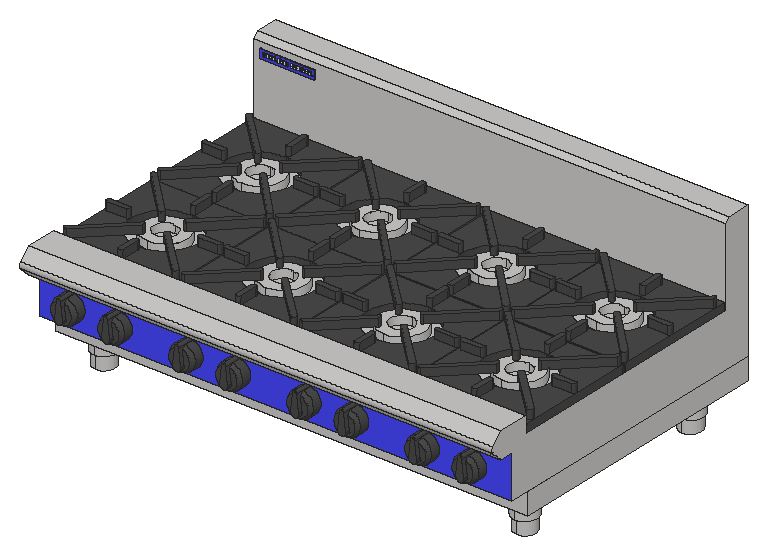
Revit family "QF_MOFFAT_BLUESEAL_CE_G518D-B", category Specialty Equipment, Revit 2012 (continued)
Definition of nested family "GAS BURNER 1200"
  Lines and regions (mm)
    symbolic lines
      curve 132: spline (143.6, -609.602, 0) -> (143.818, -610.896, 0) -> (144.457, -612.102, 0) -> (145.475, -613.138, 0) -> (146.8, -613.932, 0) -> (148.344, -614.432, 0) -> (150, -614.602, 0) -> (151.656, -614.432, 0) -> (153.2, -613.932, 0) -> (154.525, -613.138, 0) -> (155.543, -612.102, 0) -> (156.182, -610.896, 0) -> (156.4, -609.602, 0)
      curve 133: line (176.924, -505.975, 0) -> (284.847, -612.398, 0)
      curve 134: spline (284.847, -612.398, 0) -> (285.916, -613.159, 0) -> (287.221, -613.559, 0) -> (288.672, -613.572, 0) -> (290.171, -613.197, 0) -> (291.616, -612.459, 0) -> (292.908, -611.408, 0) -> (293.959, -610.116, 0) -> (294.697, -608.671, 0) -> (295.072, -607.172, 0) -> (295.059, -605.721, 0) -> (294.659, -604.416, 0) -> (293.898, -603.347, 0)
      curve 135: line (293.898, -603.347, 0) -> (185.975, -496.924, 0)
      curve 136: spline (185.975, -496.924, 0) -> (184.905, -496.163, 0) -> (183.601, -495.762, 0) -> (182.149, -495.749, 0) -> (180.65, -496.125, 0) -> (179.205, -496.863, 0) -> (177.914, -497.914, 0) -> (176.863, -499.205, 0) -> (176.125, -500.65, 0) -> (175.749, -502.149, 0) -> (175.762, -503.601, 0) -> (176.163, -504.905, 0) -> (176.924, -505.975, 0)
      curve 137: arc (149.991, -384.418, 0) -> (179.687, -389.836, 0) -> (205.556, -405.393, 0) r 84.082
      curve 138: arc (149.991, -552.582, 0) -> (121.173, -547.489, 0) -> (95.845, -532.827, 0) r 84.082
      curve 139: arc (150, -523.5, 0) -> (167.666, -520.693, 0) -> (183.592, -512.55, 0) r 57
      curve 140: arc (150, -409.5, 0) -> (130.014, -413.119, 0) -> (112.566, -423.515, 0) r 57
      curve 141: arc (150, -436.5, 0) -> (180, -466.5, 0) -> (150, -496.5, 0) r 30
      curve 142: arc (150, -496.5, 0) -> (120, -466.5, 0) -> (150, -436.5, 0) r 30
      curve 143: line (291.102, -463.6, 0) -> (241.898, -463.6, 0)
      curve 144: spline (241.898, -463.6, 0) -> (240.604, -463.818, 0) -> (239.398, -464.457, 0) -> (238.362, -465.475, 0) -> (237.568, -466.8, 0) -> (237.068, -468.344, 0) -> (236.898, -470, 0) -> (237.068, -471.656, 0) -> (237.568, -473.2, 0) -> (238.362, -474.525, 0) -> (239.398, -475.543, 0) -> (240.604, -476.182, 0) -> (241.898, -476.4, 0)
      curve 145: line (241.898, -476.4, 0) -> (291.102, -476.4, 0)
      curve 146: spline (291.102, -476.4, 0) -> (292.396, -476.182, 0) -> (293.602, -475.543, 0) -> (294.638, -474.525, 0) -> (295.432, -473.2, 0) -> (295.932, -471.656, 0) -> (296.102, -470, 0) -> (295.932, -468.344, 0) -> (295.432, -466.8, 0) -> (294.638, -465.475, 0) -> (293.602, -464.457, 0) -> (292.396, -463.818, 0) -> (291.102, -463.6, 0)
      curve 147: line (423.076, -434.025, 0) -> (315.153, -326.102, 0)
      curve 148: spline (315.153, -326.102, 0) -> (314.084, -325.341, 0) -> (312.779, -324.941, 0) -> (311.328, -324.928, 0) -> (309.829, -325.303, 0) -> (308.384, -326.041, 0) -> (307.092, -327.092, 0) -> (306.041, -328.384, 0) -> (305.303, -329.829, 0) -> (304.928, -331.328, 0) -> (304.941, -332.779, 0) -> (305.341, -334.084, 0) -> (306.102, -335.153, 0)
      curve 149: line (306.102, -335.153, 0) -> (414.025, -443.076, 0)
      curve 150: spline (414.025, -443.076, 0) -> (415.095, -443.837, 0) -> (416.399, -444.238, 0) -> (417.851, -444.251, 0) -> (419.35, -443.875, 0) -> (420.795, -443.137, 0) -> (422.086, -442.086, 0) -> (423.137, -440.795, 0) -> (423.875, -439.35, 0) -> (424.251, -437.851, 0) -> (424.238, -436.399, 0) -> (423.837, -435.095, 0) -> (423.076, -434.025, 0)
      curve 151: line (443.6, -328.898, 0) -> (443.6, -378.102, 0)
      curve 152: spline (443.6, -378.102, 0) -> (443.818, -379.396, 0) -> (444.457, -380.602, 0) -> (445.475, -381.638, 0) -> (446.8, -382.432, 0) -> (448.344, -382.932, 0) -> (450, -383.102, 0) -> (451.656, -382.932, 0) -> (453.2, -382.432, 0) -> (454.525, -381.638, 0) -> (455.543, -380.602, 0) -> (456.182, -379.396, 0) -> (456.4, -378.102, 0)
      curve 153: line (456.4, -378.102, 0) -> (456.4, -328.898, 0)
      curve 154: spline (456.4, -328.898, 0) -> (456.182, -327.604, 0) -> (455.543, -326.398, 0) -> (454.525, -325.362, 0) -> (453.2, -324.568, 0) -> (451.656, -324.068, 0) -> (450, -323.898, 0) -> (448.344, -324.068, 0) -> (446.8, -324.568, 0) -> (445.475, -325.362, 0) -> (444.457, -326.398, 0) -> (443.818, -327.604, 0) -> (443.6, -328.898, 0)
      curve 155: line (584.847, -326.102, 0) -> (476.924, -434.025, 0)
      curve 156: spline (476.924, -434.025, 0) -> (476.163, -435.095, 0) -> (475.762, -436.399, 0) -> (475.749, -437.851, 0) -> (476.125, -439.35, 0) -> (476.863, -440.795, 0) -> (477.914, -442.086, 0) -> (479.205, -443.137, 0) -> (480.65, -443.875, 0) -> (482.149, -444.251, 0) -> (483.601, -444.238, 0) -> (484.905, -443.837, 0) -> (485.975, -443.076, 0)
      curve 157: line (485.975, -443.076, 0) -> (593.898, -335.153, 0)
      curve 158: spline (593.898, -335.153, 0) -> (594.819, -333.924, 0) -> (595.369, -332.47, 0) -> (595.51, -330.89, 0) -> (595.233, -329.292, 0) -> (594.557, -327.786, 0) -> (593.527, -326.473, 0) -> (592.214, -325.443, 0) -> (590.708, -324.767, 0) -> (589.11, -324.49, 0) -> (587.53, -324.631, 0) -> (586.076, -325.181, 0) -> (584.847, -326.102, 0)
      curve 159: line (591.102, -463.6, 0) -> (541.898, -463.6, 0)
      curve 160: spline (541.898, -463.6, 0) -> (540.604, -463.818, 0) -> (539.398, -464.457, 0) -> (538.362, -465.475, 0) -> (537.568, -466.8, 0) -> (537.068, -468.344, 0) -> (536.898, -470, 0) -> (537.068, -471.656, 0) -> (537.568, -473.2, 0) -> (538.362, -474.525, 0) -> (539.398, -475.543, 0) -> (540.604, -476.182, 0) -> (541.898, -476.4, 0)
      curve 161: line (541.898, -476.4, 0) -> (591.102, -476.4, 0)
      curve 162: spline (591.102, -476.4, 0) -> (592.396, -476.182, 0) -> (593.602, -475.543, 0) -> (594.638, -474.525, 0) -> (595.432, -473.2, 0) -> (595.932, -471.656, 0) -> (596.102, -470, 0) -> (595.932, -468.344, 0) -> (595.432, -466.8, 0) -> (594.638, -465.475, 0) -> (593.602, -464.457, 0) -> (592.396, -463.818, 0) -> (591.102, -463.6, 0)
      curve 163: line (593.898, -603.347, 0) -> (485.975, -496.924, 0)
      curve 164: spline (485.975, -496.924, 0) -> (484.905, -496.163, 0) -> (483.601, -495.762, 0) -> (482.149, -495.749, 0) -> (480.65, -496.125, 0) -> (479.205, -496.863, 0) -> (477.914, -497.914, 0) -> (476.863, -499.205, 0) -> (476.125, -500.65, 0) -> (475.749, -502.149, 0) -> (475.762, -503.601, 0) -> (476.163, -504.905, 0) -> (476.924, -505.975, 0)
      curve 165: line (476.924, -505.975, 0) -> (584.847, -612.398, 0)
      curve 166: spline (584.847, -612.398, 0) -> (585.916, -613.159, 0) -> (587.221, -613.559, 0) -> (588.672, -613.572, 0) -> (590.171, -613.197, 0) -> (591.616, -612.459, 0) -> (592.908, -611.408, 0) -> (593.959, -610.116, 0) -> (594.697, -608.671, 0) -> (595.072, -607.172, 0) -> (595.059, -605.721, 0) -> (594.659, -604.416, 0) -> (593.898, -603.347, 0)
      curve 167: line (315.153, -612.398, 0) -> (423.076, -505.975, 0)
      curve 168: spline (423.076, -505.975, 0) -> (423.837, -504.905, 0) -> (424.238, -503.601, 0) -> (424.251, -502.149, 0) -> (423.875, -500.65, 0) -> (423.137, -499.205, 0) -> (422.086, -497.914, 0) -> (420.795, -496.863, 0) -> (419.35, -496.125, 0) -> (417.851, -495.749, 0) -> (416.399, -495.762, 0) -> (415.095, -496.163, 0) -> (414.025, -496.924, 0)
      curve 169: line (414.025, -496.924, 0) -> (306.102, -603.347, 0)
      curve 170: spline (306.102, -603.347, 0) -> (305.341, -604.416, 0) -> (304.941, -605.721, 0) -> (304.928, -607.172, 0) -> (305.303, -608.671, 0) -> (306.041, -610.116, 0) -> (307.092, -611.408, 0) -> (308.384, -612.459, 0) -> (309.829, -613.197, 0) -> (311.328, -613.572, 0) -> (312.779, -613.559, 0) -> (314.084, -613.159, 0) -> (315.153, -612.398, 0)
      curve 171: line (308.898, -476.4, 0) -> (358.102, -476.4, 0)
      curve 172: spline (358.102, -476.4, 0) -> (359.396, -476.182, 0) -> (360.602, -475.543, 0) -> (361.638, -474.525, 0) -> (362.432, -473.2, 0) -> (362.932, -471.656, 0) -> (363.102, -470, 0) -> (362.932, -468.344, 0) -> (362.432, -466.8, 0) -> (361.638, -465.475, 0) -> (360.602, -464.457, 0) -> (359.396, -463.818, 0) -> (358.102, -463.6, 0)
      curve 173: line (358.102, -463.6, 0) -> (308.898, -463.6, 0)
      curve 174: spline (308.898, -463.6, 0) -> (307.604, -463.818, 0) -> (306.398, -464.457, 0) -> (305.362, -465.475, 0) -> (304.568, -466.8, 0) -> (304.068, -468.344, 0) -> (303.898, -470, 0) -> (304.068, -471.656, 0) -> (304.568, -473.2, 0) -> (305.362, -474.525, 0) -> (306.398, -475.543, 0) -> (307.604, -476.182, 0) -> (308.898, -476.4, 0)
      curve 175: line (456.4, -609.602, 0) -> (456.4, -561.898, 0)
      curve 176: spline (456.4, -561.898, 0) -> (456.182, -560.604, 0) -> (455.543, -559.398, 0) -> (454.525, -558.362, 0) -> (453.2, -557.568, 0) -> (451.656, -557.068, 0) -> (450, -556.898, 0) -> (448.344, -557.068, 0) -> (446.8, -557.568, 0) -> (445.475, -558.362, 0) -> (444.457, -559.398, 0) -> (443.818, -560.604, 0) -> (443.6, -561.898, 0)
      curve 177: line (443.6, -561.898, 0) -> (443.6, -609.602, 0)
      curve 178: spline (443.6, -609.602, 0) -> (443.818, -610.896, 0) -> (444.457, -612.102, 0) -> (445.475, -613.138, 0) -> (446.8, -613.932, 0) -> (448.344, -614.432, 0) -> (450, -614.602, 0) -> (451.656, -614.432, 0) -> (453.2, -613.932, 0) -> (454.525, -613.138, 0) -> (455.543, -612.102, 0) -> (456.182, -610.896, 0) -> (456.4, -609.602, 0)
      curve 179: arc (450.009, -384.418, 0) -> (479.699, -389.834, 0) -> (505.564, -405.385, 0) r 84.082
      curve 180: arc (450.009, -552.582, 0) -> (417.885, -546.204, 0) -> (390.635, -528.036, 0) r 84.082
      curve 181: arc (450, -523.5, 0) -> (467.666, -520.693, 0) -> (483.592, -512.55, 0) r 57
      curve 182: arc (450, -409.5, 0) -> (430.014, -413.119, 0) -> (412.566, -423.515, 0) r 57
      curve 183: arc (450, -436.5, 0) -> (480, -466.5, 0) -> (450, -496.5, 0) r 30
      curve 184: arc (450, -496.5, 0) -> (420, -466.5, 0) -> (450, -436.5, 0) r 30
      curve 185: arc (96.324, -103.773, 0) -> (121.466, -89.404, 0) -> (149.991, -84.418, 0) r 84.082
      curve 186: arc (212.871, -112.68, 0) -> (234.066, -167.408, 0) -> (214.3, -222.668, 0) r 84.082
      curve 187: arc (194.454, -202.178, 0) -> (207, -166.598, 0) -> (194.576, -130.975, 0) r 57
      curve 188: arc (114.628, -211.197, 0) -> (131.275, -220.336, 0) -> (150, -223.5, 0) r 57
      curve 189: arc (405.424, -130.975, 0) -> (393, -166.598, 0) -> (405.546, -202.178, 0) r 57
      curve 190: arc (485.525, -121.924, 0) -> (468.817, -112.696, 0) -> (450, -109.5, 0) r 57
      curve 191: arc (494.454, -202.178, 0) -> (507, -166.598, 0) -> (494.576, -130.975, 0) r 57
      curve 192: arc (414.628, -211.197, 0) -> (431.275, -220.336, 0) -> (450, -223.5, 0) r 57
      curve 193: arc (105.424, -130.975, 0) -> (93, -166.598, 0) -> (105.546, -202.178, 0) r 57
      curve 194: arc (514.501, -414.55, 0) -> (534.086, -469.429, 0) -> (513.293, -523.862, 0) r 84.082
      curve 195: arc (504.155, -532.827, 0) -> (478.827, -547.489, 0) -> (450.009, -552.582, 0) r 84.082
      curve 196: arc (493.031, -503.881, 0) -> (506.947, -468.956, 0) -> (496.089, -432.962, 0) r 57
      curve 197: arc (416.408, -512.55, 0) -> (432.334, -520.693, 0) -> (450, -523.5, 0) r 57
      curve 198: arc (403.911, -432.962, 0) -> (393.053, -468.956, 0) -> (406.969, -503.881, 0) r 57
      curve 199: arc (487.434, -423.515, 0) -> (469.986, -413.119, 0) -> (450, -409.5, 0) r 57
      curve 200: arc (187.434, -423.515, 0) -> (169.986, -413.119, 0) -> (150, -409.5, 0) r 57
      curve 201: arc (103.911, -432.962, 0) -> (93.053, -468.956, 0) -> (106.969, -503.881, 0) r 57
      curve 202: arc (109.732, -506.842, 0) -> (110.614, -507.704, 0) -> (111.516, -508.547, 0) r 57
      curve 203: arc (193.031, -503.881, 0) -> (206.947, -468.956, 0) -> (196.089, -432.962, 0) r 57
      curve 204: arc (214.491, -414.56, 0) -> (234.068, -469.429, 0) -> (213.283, -523.853, 0) r 84.082
      curve 205: arc (94.436, -405.385, 0) -> (120.301, -389.834, 0) -> (149.991, -384.418, 0) r 84.082
      curve 206: arc (86.707, -523.862, 0) -> (65.914, -469.429, 0) -> (85.499, -414.55, 0) r 84.082
      curve 207: arc (116.408, -512.55, 0) -> (132.334, -520.693, 0) -> (150, -523.5, 0) r 57
      curve 208: arc (204.147, -532.819, 0) -> (178.816, -547.487, 0) -> (149.991, -552.582, 0) r 84.082
      curve 209: arc (394.444, -405.393, 0) -> (420.313, -389.836, 0) -> (450.009, -384.418, 0) r 84.082
      curve 210: arc (390.635, -528.036, 0) -> (366.012, -472.294, 0) -> (385.509, -414.56, 0) r 84.082
      curve 211: arc (185.525, -121.924, 0) -> (168.817, -112.696, 0) -> (150, -109.5, 0) r 57
      curve 212: arc (396.332, -103.781, 0) -> (421.477, -89.406, 0) -> (450.009, -84.418, 0) r 84.082
      curve 213: arc (512.881, -112.67, 0) -> (534.084, -167.408, 0) -> (514.31, -222.678, 0) r 84.082
      curve 214: arc (505.339, -231.812, 0) -> (479.559, -247.219, 0) -> (450.009, -252.582, 0) r 84.082
      curve 215: arc (385.7, -222.668, 0) -> (365.934, -167.408, 0) -> (387.129, -112.68, 0) r 84.082
      curve 216: arc (205.331, -231.803, 0) -> (179.547, -247.216, 0) -> (149.991, -252.582, 0) r 84.082
      curve 217: arc (85.69, -222.678, 0) -> (65.916, -167.408, 0) -> (87.119, -112.67, 0) r 84.082
      curve 218: spline (724.076, -130.525, 0) -> (724.837, -131.595, 0) -> (725.238, -132.899, 0) -> (725.251, -134.351, 0) -> (724.875, -135.85, 0) -> (724.137, -137.295, 0) -> (723.086, -138.586, 0) -> (721.795, -139.637, 0) -> (720.35, -140.375, 0) -> (718.851, -140.751, 0) -> (717.399, -140.738, 0) -> (716.095, -140.337, 0) -> (715.025, -139.576, 0)
      curve 219: spline (659.102, -160.1, 0) -> (660.396, -160.318, 0) -> (661.602, -160.957, 0) -> (662.638, -161.975, 0) -> (663.432, -163.3, 0) -> (663.932, -164.844, 0) -> (664.102, -166.5, 0) -> (663.932, -168.156, 0) -> (663.432, -169.7, 0) -> (662.638, -171.025, 0) -> (661.602, -172.043, 0) -> (660.396, -172.682, 0) -> (659.102, -172.9, 0)
      curve 220: arc (751, -223.5, 0) -> (732.275, -220.336, 0) -> (715.628, -211.197, 0) r 57
      curve 221: arc (751, -109.5, 0) -> (769.817, -112.696, 0) -> (786.525, -121.924, 0) r 57
      curve 222: arc (751.009, -84.418, 0) -> (722.477, -89.406, 0) -> (697.332, -103.781, 0) r 84.082
      curve 223: arc (751.009, -252.582, 0) -> (780.559, -247.219, 0) -> (806.339, -231.812, 0) r 84.082
      curve 224: line (744.6, -74.602, 0) -> (744.6, -25.398, 0)
      curve 225: spline (744.6, -25.398, 0) -> (744.818, -24.104, 0) -> (745.457, -22.898, 0) -> (746.475, -21.862, 0) -> (747.8, -21.068, 0) -> (749.344, -20.568, 0) -> (751, -20.398, 0) -> (752.656, -20.568, 0) -> (754.2, -21.068, 0) -> (755.525, -21.862, 0) -> (756.543, -22.898, 0) -> (757.182, -24.104, 0) -> (757.4, -25.398, 0)
      curve 226: line (757.4, -25.398, 0) -> (757.4, -74.602, 0)
      curve 227: spline (757.4, -74.602, 0) -> (757.182, -75.896, 0) -> (756.543, -77.102, 0) -> (755.525, -78.138, 0) -> (754.2, -78.932, 0) -> (752.656, -79.432, 0) -> (751, -79.602, 0) -> (749.344, -79.432, 0) -> (747.8, -78.932, 0) -> (746.475, -78.138, 0) -> (745.457, -77.102, 0) -> (744.818, -75.896, 0) -> (744.6, -74.602, 0)
      curve 228: arc (897, 0, 0) -> (899.121, -0.879, 0) -> (900, -3, 0) r 3
      curve 229: line (900, -3, 0) -> (900, -315.5, 0)
      curve 230: arc (900, -315.5, 0) -> (899.121, -317.621, 0) -> (897, -318.5, 0) r 3
      curve 231: arc (897, -321.5, 0) -> (899.121, -322.379, 0) -> (900, -324.5, 0) r 3
      curve 232: line (900, -324.5, 0) -> (900, -632, 0)
      curve 233: arc (900, -632, 0) -> (899.121, -634.121, 0) -> (897, -635, 0) r 3
      curve 234: spline (715.025, -193.424, 0) -> (716.095, -192.663, 0) -> (717.399, -192.262, 0) -> (718.851, -192.249, 0) -> (720.35, -192.625, 0) -> (721.795, -193.363, 0) -> (723.086, -194.414, 0) -> (724.137, -195.705, 0) -> (724.875, -197.15, 0) -> (725.251, -198.649, 0) -> (725.238, -200.101, 0) -> (724.837, -201.405, 0) -> (724.076, -202.475, 0)
      curve 235: line (885.847, -313.898, 0) -> (777.924, -202.475, 0)
      curve 236: spline (777.924, -202.475, 0) -> (777.163, -201.405, 0) -> (776.762, -200.101, 0) -> (776.749, -198.649, 0) -> (777.125, -197.15, 0) -> (777.863, -195.705, 0) -> (778.914, -194.414, 0) -> (780.205, -193.363, 0) -> (781.65, -192.625, 0) -> (783.149, -192.249, 0) -> (784.601, -192.262, 0) -> (785.905, -192.663, 0) -> (786.975, -193.424, 0)
      curve 237: line (786.975, -193.424, 0) -> (894.898, -304.847, 0)
      curve 238: spline (894.898, -304.847, 0) -> (895.659, -305.916, 0) -> (896.059, -307.221, 0) -> (896.072, -308.672, 0) -> (895.697, -310.171, 0) -> (894.959, -311.616, 0) -> (893.908, -312.908, 0) -> (892.616, -313.959, 0) -> (891.171, -314.697, 0) -> (889.672, -315.072, 0) -> (888.221, -315.059, 0) -> (886.916, -314.659, 0) -> (885.847, -313.898, 0)
      curve 239: line (892.102, -172.9, 0) -> (842.898, -172.9, 0)
      curve 240: spline (842.898, -172.9, 0) -> (841.604, -172.682, 0) -> (840.398, -172.043, 0) -> (839.362, -171.025, 0) -> (838.568, -169.7, 0) -> (838.068, -168.156, 0) -> (837.898, -166.5, 0) -> (838.068, -164.844, 0) -> (838.568, -163.3, 0) -> (839.362, -161.975, 0) -> (840.398, -160.957, 0) -> (841.604, -160.318, 0) -> (842.898, -160.1, 0)
      curve 241: line (842.898, -160.1, 0) -> (892.102, -160.1, 0)
      curve 242: spline (892.102, -160.1, 0) -> (893.396, -160.318, 0) -> (894.602, -160.957, 0) -> (895.638, -161.975, 0) -> (896.432, -163.3, 0) -> (896.932, -164.844, 0) -> (897.102, -166.5, 0) -> (896.932, -168.156, 0) -> (896.432, -169.7, 0) -> (895.638, -171.025, 0) -> (894.602, -172.043, 0) -> (893.396, -172.682, 0) -> (892.102, -172.9, 0)
      curve 243: line (894.898, -31.653, 0) -> (786.975, -139.576, 0)
      curve 244: spline (786.975, -139.576, 0) -> (785.905, -140.337, 0) -> (784.601, -140.738, 0) -> (783.149, -140.751, 0) -> (781.65, -140.375, 0) -> (780.205, -139.637, 0) -> (778.914, -138.586, 0) -> (777.863, -137.295, 0) -> (777.125, -135.85, 0) -> (776.749, -134.351, 0) -> (776.762, -132.899, 0) -> (777.163, -131.595, 0) -> (777.924, -130.525, 0)
      curve 245: line (777.924, -130.525, 0) -> (885.847, -22.602, 0)
      curve 246: spline (885.847, -22.602, 0) -> (887.076, -21.681, 0) -> (888.53, -21.131, 0) -> (890.11, -20.99, 0) -> (891.708, -21.267, 0) -> (893.214, -21.943, 0) -> (894.527, -22.973, 0) -> (895.557, -24.286, 0) -> (896.233, -25.792, 0) -> (896.51, -27.39, 0) -> (896.369, -28.97, 0) -> (895.819, -30.424, 0) -> (894.898, -31.653, 0)
      curve 247: arc (751, -136.5, 0) -> (721, -166.5, 0) -> (751, -196.5, 0) r 30
      curve 248: arc (751, -196.5, 0) -> (781, -166.5, 0) -> (751, -136.5, 0) r 30
      curve 249: line (744.6, -311.102, 0) -> (744.6, -261.898, 0)
      curve 250: spline (744.6, -261.898, 0) -> (744.818, -260.604, 0) -> (745.457, -259.398, 0) -> (746.475, -258.362, 0) -> (747.8, -257.568, 0) -> (749.344, -257.068, 0) -> (751, -256.898, 0) -> (752.656, -257.068, 0) -> (754.2, -257.568, 0) -> (755.525, -258.362, 0) -> (756.543, -259.398, 0) -> (757.182, -260.604, 0) -> (757.4, -261.898, 0)
      curve 251: line (757.4, -261.898, 0) -> (757.4, -311.102, 0)
      curve 252: spline (757.4, -311.102, 0) -> (757.182, -312.396, 0) -> (756.543, -313.602, 0) -> (755.525, -314.638, 0) -> (754.2, -315.432, 0) -> (752.656, -315.932, 0) -> (751, -316.102, 0) -> (749.344, -315.932, 0) -> (747.8, -315.432, 0) -> (746.475, -314.638, 0) -> (745.457, -313.602, 0) -> (744.818, -312.396, 0) -> (744.6, -311.102, 0)
      curve 253: line (744.6, -378.102, 0) -> (744.6, -328.898, 0)
      curve 254: spline (744.6, -328.898, 0) -> (744.818, -327.604, 0) -> (745.457, -326.398, 0) -> (746.475, -325.362, 0) -> (747.8, -324.568, 0) -> (749.344, -324.068, 0) -> (751, -323.898, 0) -> (752.656, -324.068, 0) -> (754.2, -324.568, 0) -> (755.525, -325.362, 0) -> (756.543, -326.398, 0) -> (757.182, -327.604, 0) -> (757.4, -328.898, 0)
      curve 255: line (757.4, -328.898, 0) -> (757.4, -378.102, 0)
      curve 256: spline (757.4, -378.102, 0) -> (757.182, -379.396, 0) -> (756.543, -380.602, 0) -> (755.525, -381.638, 0) -> (754.2, -382.432, 0) -> (752.656, -382.932, 0) -> (751, -383.102, 0) -> (749.344, -382.932, 0) -> (747.8, -382.432, 0) -> (746.475, -381.638, 0) -> (745.457, -380.602, 0) -> (744.818, -379.396, 0) -> (744.6, -378.102, 0)
      curve 257: spline (724.076, -434.025, 0) -> (724.837, -435.095, 0) -> (725.238, -436.399, 0) -> (725.251, -437.851, 0) -> (724.875, -439.35, 0) -> (724.137, -440.795, 0) -> (723.086, -442.086, 0) -> (721.795, -443.137, 0) -> (720.35, -443.875, 0) -> (718.851, -444.251, 0) -> (717.399, -444.238, 0) -> (716.095, -443.837, 0) -> (715.025, -443.076, 0)
      curve 258: line (777.924, -434.025, 0) -> (885.847, -326.102, 0)
      curve 259: spline (885.847, -326.102, 0) -> (887.076, -325.181, 0) -> (888.53, -324.631, 0) -> (890.11, -324.49, 0) -> (891.708, -324.767, 0) -> (893.214, -325.443, 0) -> (894.527, -326.473, 0) -> (895.557, -327.786, 0) -> (896.233, -329.292, 0) -> (896.51, -330.89, 0) -> (896.369, -332.47, 0) -> (895.819, -333.924, 0) -> (894.898, -335.153, 0)
      curve 260: line (894.898, -335.153, 0) -> (786.975, -443.076, 0)
      curve 261: spline (786.975, -443.076, 0) -> (785.905, -443.837, 0) -> (784.601, -444.238, 0) -> (783.149, -444.251, 0) -> (781.65, -443.875, 0) -> (780.205, -443.137, 0) -> (778.914, -442.086, 0) -> (777.863, -440.795, 0) -> (777.125, -439.35, 0) -> (776.749, -437.851, 0) -> (776.762, -436.399, 0) -> (777.163, -435.095, 0) -> (777.924, -434.025, 0)
      curve 262: line (842.898, -463.6, 0) -> (892.102, -463.6, 0)
      curve 263: spline (892.102, -463.6, 0) -> (893.396, -463.818, 0) -> (894.602, -464.457, 0) -> (895.638, -465.475, 0) -> (896.432, -466.8, 0) -> (896.932, -468.344, 0) -> (897.102, -470, 0) -> (896.932, -471.656, 0) -> (896.432, -473.2, 0) -> (895.638, -474.525, 0) -> (894.602, -475.543, 0) -> (893.396, -476.182, 0) -> (892.102, -476.4, 0)
      curve 264: line (892.102, -476.4, 0) -> (842.898, -476.4, 0)
      curve 265: spline (842.898, -476.4, 0) -> (841.604, -476.182, 0) -> (840.398, -475.543, 0) -> (839.362, -474.525, 0) -> (838.568, -473.2, 0) -> (838.068, -471.656, 0) -> (837.898, -470, 0) -> (838.068, -468.344, 0) -> (838.568, -466.8, 0) -> (839.362, -465.475, 0) -> (840.398, -464.457, 0) -> (841.604, -463.818, 0) -> (842.898, -463.6, 0)
      curve 266: line (786.975, -496.924, 0) -> (894.898, -603.347, 0)
      curve 267: spline (894.898, -603.347, 0) -> (895.659, -604.416, 0) -> (896.059, -605.721, 0) -> (896.072, -607.172, 0) -> (895.697, -608.671, 0) -> (894.959, -610.116, 0) -> (893.908, -611.408, 0) -> (892.616, -612.459, 0) -> (891.171, -613.197, 0) -> (889.672, -613.572, 0) -> (888.221, -613.559, 0) -> (886.916, -613.159, 0) -> (885.847, -612.398, 0)
      curve 268: line (885.847, -612.398, 0) -> (777.924, -505.975, 0)
      curve 269: spline (777.924, -505.975, 0) -> (777.163, -504.905, 0) -> (776.762, -503.601, 0) -> (776.749, -502.149, 0) -> (777.125, -500.65, 0) -> (777.863, -499.205, 0) -> (778.914, -497.914, 0) -> (780.205, -496.863, 0) -> (781.65, -496.125, 0) -> (783.149, -495.749, 0) -> (784.601, -495.762, 0) -> (785.905, -496.163, 0) -> (786.975, -496.924, 0)
      curve 270: line (744.6, -609.602, 0) -> (744.6, -561.898, 0)
      curve 271: spline (744.6, -561.898, 0) -> (744.818, -560.604, 0) -> (745.457, -559.398, 0) -> (746.475, -558.362, 0) -> (747.8, -557.568, 0) -> (749.344, -557.068, 0) -> (751, -556.898, 0) -> (752.656, -557.068, 0) -> (754.2, -557.568, 0) -> (755.525, -558.362, 0) -> (756.543, -559.398, 0) -> (757.182, -560.604, 0) -> (757.4, -561.898, 0)
      curve 272: line (757.4, -561.898, 0) -> (757.4, -609.602, 0)
      curve 273: spline (757.4, -609.602, 0) -> (757.182, -610.896, 0) -> (756.543, -612.102, 0) -> (755.525, -613.138, 0) -> (754.2, -613.932, 0) -> (752.656, -614.432, 0) -> (751, -614.602, 0) -> (749.344, -614.432, 0) -> (747.8, -613.932, 0) -> (746.475, -613.138, 0) -> (745.457, -612.102, 0) -> (744.818, -610.896, 0) -> (744.6, -609.602, 0)
      curve 274: spline (715.025, -496.924, 0) -> (716.095, -496.163, 0) -> (717.399, -495.762, 0) -> (718.851, -495.749, 0) -> (720.35, -496.125, 0) -> (721.795, -496.863, 0) -> (723.086, -497.914, 0) -> (724.137, -499.205, 0) -> (724.875, -500.65, 0) -> (725.251, -502.149, 0) -> (725.238, -503.601, 0) -> (724.837, -504.905, 0) -> (724.076, -505.975, 0)
      curve 275: arc (751.009, -384.418, 0) -> (721.313, -389.836, 0) -> (695.444, -405.393, 0) r 84.082
      curve 276: arc (751.009, -552.582, 0) -> (779.827, -547.489, 0) -> (805.155, -532.827, 0) r 84.082
      curve 277: arc (751, -523.5, 0) -> (733.334, -520.693, 0) -> (717.408, -512.55, 0) r 57
      curve 278: arc (751, -409.5, 0) -> (770.986, -413.119, 0) -> (788.434, -423.515, 0) r 57
      curve 279: arc (751, -436.5, 0) -> (721, -466.5, 0) -> (751, -496.5, 0) r 30
      curve 280: arc (751, -496.5, 0) -> (781, -466.5, 0) -> (751, -436.5, 0) r 30
      curve 281: spline (659.102, -463.6, 0) -> (660.396, -463.818, 0) -> (661.602, -464.457, 0) -> (662.638, -465.475, 0) -> (663.432, -466.8, 0) -> (663.932, -468.344, 0) -> (664.102, -470, 0) -> (663.932, -471.656, 0) -> (663.432, -473.2, 0) -> (662.638, -474.525, 0) -> (661.602, -475.543, 0) -> (660.396, -476.182, 0) -> (659.102, -476.4, 0)
      curve 282: arc (804.676, -103.773, 0) -> (779.534, -89.404, 0) -> (751.009, -84.418, 0) r 84.082
      curve 283: arc (688.129, -112.68, 0) -> (666.934, -167.408, 0) -> (686.7, -222.668, 0) r 84.082
      curve 284: arc (706.546, -202.178, 0) -> (694, -166.598, 0) -> (706.424, -130.975, 0) r 57
      curve 285: arc (786.372, -211.197, 0) -> (769.725, -220.336, 0) -> (751, -223.5, 0) r 57
      curve 286: arc (795.576, -130.975, 0) -> (808, -166.598, 0) -> (795.454, -202.178, 0) r 57
      curve 287: arc (713.566, -423.515, 0) -> (731.014, -413.119, 0) -> (751, -409.5, 0) r 57
      curve 288: arc (797.089, -432.962, 0) -> (807.947, -468.956, 0) -> (794.031, -503.881, 0) r 57
      curve 289: arc (791.268, -506.842, 0) -> (790.386, -507.704, 0) -> (789.484, -508.547, 0) r 57
      curve 290: arc (707.969, -503.881, 0) -> (694.053, -468.956, 0) -> (704.911, -432.962, 0) r 57
      curve 291: arc (686.509, -414.56, 0) -> (666.932, -469.429, 0) -> (687.717, -523.853, 0) r 84.082
      curve 292: arc (806.564, -405.385, 0) -> (780.699, -389.834, 0) -> (751.009, -384.418, 0) r 84.082
      curve 293: arc (814.293, -523.862, 0) -> (835.086, -469.429, 0) -> (815.501, -414.55, 0) r 84.082
      curve 294: arc (784.592, -512.55, 0) -> (768.666, -520.693, 0) -> (751, -523.5, 0) r 57
      curve 295: arc (696.853, -532.819, 0) -> (722.184, -547.487, 0) -> (751.009, -552.582, 0) r 84.082
      curve 296: arc (715.475, -121.924, 0) -> (732.183, -112.696, 0) -> (751, -109.5, 0) r 57
      curve 297: arc (695.669, -231.803, 0) -> (721.453, -247.216, 0) -> (751.009, -252.582, 0) r 84.082
      curve 298: arc (815.31, -222.678, 0) -> (835.084, -167.408, 0) -> (813.881, -112.67, 0) r 84.082
      curve 299: line (616.153, -612.398, 0) -> (724.076, -505.975, 0)
      curve 300: line (715.025, -496.924, 0) -> (607.102, -603.347, 0)
      curve 301: spline (607.102, -603.347, 0) -> (606.341, -604.416, 0) -> (605.941, -605.721, 0) -> (605.928, -607.172, 0) -> (606.303, -608.671, 0) -> (607.041, -610.116, 0) -> (608.092, -611.408, 0) -> (609.384, -612.459, 0) -> (610.829, -613.197, 0) -> (612.328, -613.572, 0) -> (613.779, -613.559, 0) -> (615.084, -613.159, 0) -> (616.153, -612.398, 0)
      curve 302: line (602, -324.5, 0) -> (602, -632, 0)
      curve 303: arc (602, -632, 0) -> (602.879, -634.121, 0) -> (605, -635, 0) r 3
      curve 304: line (605, -635, 0) -> (897, -635, 0)
      curve 305: arc (897, -635, 0) -> (899.121, -634.121, 0) -> (900, -632, 0) r 3
      curve 306: line (900, -632, 0) -> (900, -324.5, 0)
      curve 307: arc (900, -324.5, 0) -> (899.121, -322.379, 0) -> (897, -321.5, 0) r 3
      curve 308: line (897, -321.5, 0) -> (605, -321.5, 0)
      curve 309: arc (605, -321.5, 0) -> (602.879, -322.379, 0) -> (602, -324.5, 0) r 3
      curve 310: line (609.898, -476.4, 0) -> (659.102, -476.4, 0)
      curve 311: line (659.102, -463.6, 0) -> (609.898, -463.6, 0)
      curve 312: spline (609.898, -463.6, 0) -> (608.604, -463.818, 0) -> (607.398, -464.457, 0) -> (606.362, -465.475, 0) -> (605.568, -466.8, 0) -> (605.068, -468.344, 0) -> (604.898, -470, 0) -> (605.068, -471.656, 0) -> (605.568, -473.2, 0) -> (606.362, -474.525, 0) -> (607.398, -475.543, 0) -> (608.604, -476.182, 0) -> (609.898, -476.4, 0)
      curve 313: line (607.102, -335.153, 0) -> (715.025, -443.076, 0)
      curve 314: line (724.076, -434.025, 0) -> (616.153, -326.102, 0)
      curve 315: spline (616.153, -326.102, 0) -> (615.084, -325.341, 0) -> (613.779, -324.941, 0) -> (612.328, -324.928, 0) -> (610.829, -325.303, 0) -> (609.384, -326.041, 0) -> (608.092, -327.092, 0) -> (607.041, -328.384, 0) -> (606.303, -329.829, 0) -> (605.928, -331.328, 0) -> (605.941, -332.779, 0) -> (606.341, -334.084, 0) -> (607.102, -335.153, 0)
      curve 316: line (616.153, -313.898, 0) -> (724.076, -202.475, 0)
      curve 317: spline (607.102, -304.847, 0) -> (606.341, -305.916, 0) -> (605.941, -307.221, 0) -> (605.928, -308.672, 0) -> (606.303, -310.171, 0) -> (607.041, -311.616, 0) -> (608.092, -312.908, 0) -> (609.384, -313.959, 0) -> (610.829, -314.697, 0) -> (612.328, -315.072, 0) -> (613.779, -315.059, 0) -> (615.084, -314.659, 0) -> (616.153, -313.898, 0)
      curve 318: line (715.025, -193.424, 0) -> (607.102, -304.847, 0)
      curve 319: line (605, -318.5, 0) -> (897, -318.5, 0)
      curve 320: arc (602, -315.5, 0) -> (602.879, -317.621, 0) -> (605, -318.5, 0) r 3
      curve 321: line (602, -3, 0) -> (602, -315.5, 0)
      curve 322: arc (605, 0, 0) -> (602.879, -0.879, 0) -> (602, -3, 0) r 3
      curve 323: line (609.898, -172.9, 0) -> (659.102, -172.9, 0)
      curve 324: line (659.102, -160.1, 0) -> (609.898, -160.1, 0)
      curve 325: spline (609.898, -160.1, 0) -> (608.604, -160.318, 0) -> (607.398, -160.957, 0) -> (606.362, -161.975, 0) -> (605.568, -163.3, 0) -> (605.068, -164.844, 0) -> (604.898, -166.5, 0) -> (605.068, -168.156, 0) -> (605.568, -169.7, 0) -> (606.362, -171.025, 0) -> (607.398, -172.043, 0) -> (608.604, -172.682, 0) -> (609.898, -172.9, 0)
      curve 326: line (607.102, -31.653, 0) -> (715.025, -139.576, 0)
      curve 327: line (724.076, -130.525, 0) -> (616.153, -22.602, 0)
      curve 328: spline (616.153, -22.602, 0) -> (615.084, -21.841, 0) -> (613.779, -21.441, 0) -> (612.328, -21.428, 0) -> (610.829, -21.803, 0) -> (609.384, -22.541, 0) -> (608.092, -23.592, 0) -> (607.041, -24.884, 0) -> (606.303, -26.329, 0) -> (605.928, -27.828, 0) -> (605.941, -29.279, 0) -> (606.341, -30.584, 0) -> (607.102, -31.653, 0)
      curve 329: line (897, 0, 0) -> (605, 0, 0)
      curve 330: line (915.153, -22.602, 0) -> (1023.076, -130.525, 0)
      curve 331: spline (1023.076, -130.525, 0) -> (1023.837, -131.595, 0) -> (1024.238, -132.899, 0) -> (1024.251, -134.351, 0) -> (1023.875, -135.85, 0) -> (1023.137, -137.295, 0) -> (1022.086, -138.586, 0) -> (1020.795, -139.637, 0) -> (1019.35, -140.375, 0) -> (1017.851, -140.751, 0) -> (1016.399, -140.738, 0) -> (1015.095, -140.337, 0) -> (1014.025, -139.576, 0)
      curve 332: line (1014.025, -139.576, 0) -> (906.102, -31.653, 0)
      curve 333: spline (906.102, -31.653, 0) -> (905.341, -30.584, 0) -> (904.941, -29.279, 0) -> (904.928, -27.828, 0) -> (905.303, -26.329, 0) -> (906.041, -24.884, 0) -> (907.092, -23.592, 0) -> (908.384, -22.541, 0) -> (909.829, -21.803, 0) -> (911.328, -21.428, 0) -> (912.779, -21.441, 0) -> (914.084, -21.841, 0) -> (915.153, -22.602, 0)
      curve 334: line (908.898, -160.1, 0) -> (958.102, -160.1, 0)
      curve 335: spline (958.102, -160.1, 0) -> (959.396, -160.318, 0) -> (960.602, -160.957, 0) -> (961.638, -161.975, 0) -> (962.432, -163.3, 0) -> (962.932, -164.844, 0) -> (963.102, -166.5, 0) -> (962.932, -168.156, 0) -> (962.432, -169.7, 0) -> (961.638, -171.025, 0) -> (960.602, -172.043, 0) -> (959.396, -172.682, 0) -> (958.102, -172.9, 0)
      curve 336: line (958.102, -172.9, 0) -> (908.898, -172.9, 0)
      curve 337: spline (908.898, -172.9, 0) -> (907.604, -172.682, 0) -> (906.398, -172.043, 0) -> (905.362, -171.025, 0) -> (904.568, -169.7, 0) -> (904.068, -168.156, 0) -> (903.898, -166.5, 0) -> (904.068, -164.844, 0) -> (904.568, -163.3, 0) -> (905.362, -161.975, 0) -> (906.398, -160.957, 0) -> (907.604, -160.318, 0) -> (908.898, -160.1, 0)
      curve 338: arc (1050, -223.5, 0) -> (1031.275, -220.336, 0) -> (1014.628, -211.197, 0) r 57
      curve 339: arc (1050, -109.5, 0) -> (1068.817, -112.696, 0) -> (1085.525, -121.924, 0) r 57
      curve 340: arc (1050.009, -84.418, 0) -> (1021.477, -89.406, 0) -> (996.332, -103.781, 0) r 84.082
      curve 341: arc (1050.009, -252.582, 0) -> (1079.559, -247.219, 0) -> (1105.339, -231.812, 0) r 84.082
      curve 342: line (1043.6, -74.602, 0) -> (1043.6, -25.398, 0)
      curve 343: spline (1043.6, -25.398, 0) -> (1043.818, -24.104, 0) -> (1044.457, -22.898, 0) -> (1045.475, -21.862, 0) -> (1046.8, -21.068, 0) -> (1048.344, -20.568, 0) -> (1050, -20.398, 0) -> (1051.656, -20.568, 0) -> (1053.2, -21.068, 0) -> (1054.525, -21.862, 0) -> (1055.543, -22.898, 0) -> (1056.182, -24.104, 0) -> (1056.4, -25.398, 0)
      curve 344: line (1056.4, -25.398, 0) -> (1056.4, -74.602, 0)
      curve 345: spline (1056.4, -74.602, 0) -> (1056.182, -75.896, 0) -> (1055.543, -77.102, 0) -> (1054.525, -78.138, 0) -> (1053.2, -78.932, 0) -> (1051.656, -79.432, 0) -> (1050, -79.602, 0) -> (1048.344, -79.432, 0) -> (1046.8, -78.932, 0) -> (1045.475, -78.138, 0) -> (1044.457, -77.102, 0) -> (1043.818, -75.896, 0) -> (1043.6, -74.602, 0)
      curve 346: spline (891.102, -160.1, 0) -> (892.396, -160.318, 0) -> (893.602, -160.957, 0) -> (894.638, -161.975, 0) -> (895.432, -163.3, 0) -> (895.932, -164.844, 0) -> (896.102, -166.5, 0) -> (895.932, -168.156, 0) -> (895.432, -169.7, 0) -> (894.638, -171.025, 0) -> (893.602, -172.043, 0) -> (892.396, -172.682, 0) -> (891.102, -172.9, 0)
      curve 347: arc (896, 0, 0) -> (898.121, -0.879, 0) -> (899, -3, 0) r 3
      curve 348: line (899, -3, 0) -> (899, -315.5, 0)
      curve 349: arc (899, -315.5, 0) -> (898.121, -317.621, 0) -> (896, -318.5, 0) r 3
      curve 350: line (904, 0, 0) -> (1196, 0, 0)
      curve 351: arc (1196, 0, 0) -> (1198.121, -0.879, 0) -> (1199, -3, 0) r 3
      curve 352: line (1199, -3, 0) -> (1199, -315.5, 0)
      curve 353: arc (1199, -315.5, 0) -> (1198.121, -317.621, 0) -> (1196, -318.5, 0) r 3
      curve 354: line (1196, -318.5, 0) -> (904, -318.5, 0)
      curve 355: arc (904, -318.5, 0) -> (901.879, -317.621, 0) -> (901, -315.5, 0) r 3
      curve 356: line (901, -315.5, 0) -> (901, -3, 0)
      curve 357: arc (901, -3, 0) -> (901.879, -0.879, 0) -> (904, 0, 0) r 3
      curve 358: line (904, -321.5, 0) -> (1196, -321.5, 0)
      curve 359: arc (1196, -321.5, 0) -> (1198.121, -322.379, 0) -> (1199, -324.5, 0) r 3
      curve 360: line (1199, -324.5, 0) -> (1199, -632, 0)
      curve 361: arc (1199, -632, 0) -> (1198.121, -634.121, 0) -> (1196, -635, 0) r 3
      curve 362: line (1196, -635, 0) -> (904, -635, 0)
      curve 363: arc (904, -635, 0) -> (901.879, -634.121, 0) -> (901, -632, 0) r 3
      curve 364: line (901, -632, 0) -> (901, -324.5, 0)
      curve 365: arc (901, -324.5, 0) -> (901.879, -322.379, 0) -> (904, -321.5, 0) r 3
      curve 366: arc (896, -321.5, 0) -> (898.121, -322.379, 0) -> (899, -324.5, 0) r 3
      curve 367: line (899, -324.5, 0) -> (899, -632, 0)
      curve 368: arc (899, -632, 0) -> (898.121, -634.121, 0) -> (896, -635, 0) r 3
      curve 369: line (906.102, -304.847, 0) -> (1014.025, -193.424, 0)
      curve 370: spline (1014.025, -193.424, 0) -> (1015.095, -192.663, 0) -> (1016.399, -192.262, 0) -> (1017.851, -192.249, 0) -> (1019.35, -192.625, 0) -> (1020.795, -193.363, 0) -> (1022.086, -194.414, 0) -> (1023.137, -195.705, 0) -> (1023.875, -197.15, 0) -> (1024.251, -198.649, 0) -> (1024.238, -200.101, 0) -> (1023.837, -201.405, 0) -> (1023.076, -202.475, 0)
      curve 371: line (1023.076, -202.475, 0) -> (915.153, -313.898, 0)
      curve 372: spline (915.153, -313.898, 0) -> (914.084, -314.659, 0) -> (912.779, -315.059, 0) -> (911.328, -315.072, 0) -> (909.829, -314.697, 0) -> (908.384, -313.959, 0) -> (907.092, -312.908, 0) -> (906.041, -311.616, 0) -> (905.303, -310.171, 0) -> (904.928, -308.672, 0) -> (904.941, -307.221, 0) -> (905.341, -305.916, 0) -> (906.102, -304.847, 0)
      curve 373: line (1184.847, -313.898, 0) -> (1076.924, -202.475, 0)
      curve 374: spline (1076.924, -202.475, 0) -> (1076.163, -201.405, 0) -> (1075.762, -200.101, 0) -> (1075.749, -198.649, 0) -> (1076.125, -197.15, 0) -> (1076.863, -195.705, 0) -> (1077.914, -194.414, 0) -> (1079.205, -193.363, 0) -> (1080.65, -192.625, 0) -> (1082.149, -192.249, 0) -> (1083.601, -192.262, 0) -> (1084.905, -192.663, 0) -> (1085.975, -193.424, 0)
      curve 375: line (1085.975, -193.424, 0) -> (1193.898, -304.847, 0)
      curve 376: spline (1193.898, -304.847, 0) -> (1194.659, -305.916, 0) -> (1195.059, -307.221, 0) -> (1195.072, -308.672, 0) -> (1194.697, -310.171, 0) -> (1193.959, -311.616, 0) -> (1192.908, -312.908, 0) -> (1191.616, -313.959, 0) -> (1190.171, -314.697, 0) -> (1188.672, -315.072, 0) -> (1187.221, -315.059, 0) -> (1185.916, -314.659, 0) -> (1184.847, -313.898, 0)
      curve 377: line (1191.102, -172.9, 0) -> (1141.898, -172.9, 0)
      curve 378: spline (1141.898, -172.9, 0) -> (1140.604, -172.682, 0) -> (1139.398, -172.043, 0) -> (1138.362, -171.025, 0) -> (1137.568, -169.7, 0) -> (1137.068, -168.156, 0) -> (1136.898, -166.5, 0) -> (1137.068, -164.844, 0) -> (1137.568, -163.3, 0) -> (1138.362, -161.975, 0) -> (1139.398, -160.957, 0) -> (1140.604, -160.318, 0) -> (1141.898, -160.1, 0)
      curve 379: line (1141.898, -160.1, 0) -> (1191.102, -160.1, 0)
      curve 380: spline (1191.102, -160.1, 0) -> (1192.396, -160.318, 0) -> (1193.602, -160.957, 0) -> (1194.638, -161.975, 0) -> (1195.432, -163.3, 0) -> (1195.932, -164.844, 0) -> (1196.102, -166.5, 0) -> (1195.932, -168.156, 0) -> (1195.432, -169.7, 0) -> (1194.638, -171.025, 0) -> (1193.602, -172.043, 0) -> (1192.396, -172.682, 0) -> (1191.102, -172.9, 0)
      curve 381: line (1193.898, -31.653, 0) -> (1085.975, -139.576, 0)
      curve 382: spline (1085.975, -139.576, 0) -> (1084.905, -140.337, 0) -> (1083.601, -140.738, 0) -> (1082.149, -140.751, 0) -> (1080.65, -140.375, 0) -> (1079.205, -139.637, 0) -> (1077.914, -138.586, 0) -> (1076.863, -137.295, 0) -> (1076.125, -135.85, 0) -> (1075.749, -134.351, 0) -> (1075.762, -132.899, 0) -> (1076.163, -131.595, 0) -> (1076.924, -130.525, 0)
      curve 383: line (1076.924, -130.525, 0) -> (1184.847, -22.602, 0)
      curve 384: spline (1184.847, -22.602, 0) -> (1186.076, -21.681, 0) -> (1187.53, -21.131, 0) -> (1189.11, -20.99, 0) -> (1190.708, -21.267, 0) -> (1192.214, -21.943, 0) -> (1193.527, -22.973, 0) -> (1194.557, -24.286, 0) -> (1195.233, -25.792, 0) -> (1195.51, -27.39, 0) -> (1195.369, -28.97, 0) -> (1194.819, -30.424, 0) -> (1193.898, -31.653, 0)
      curve 385: arc (1050, -136.5, 0) -> (1020, -166.5, 0) -> (1050, -196.5, 0) r 30
      curve 386: arc (1050, -196.5, 0) -> (1080, -166.5, 0) -> (1050, -136.5, 0) r 30
      curve 387: line (1043.6, -311.102, 0) -> (1043.6, -261.898, 0)
      curve 388: spline (1043.6, -261.898, 0) -> (1043.818, -260.604, 0) -> (1044.457, -259.398, 0) -> (1045.475, -258.362, 0) -> (1046.8, -257.568, 0) -> (1048.344, -257.068, 0) -> (1050, -256.898, 0) -> (1051.656, -257.068, 0) -> (1053.2, -257.568, 0) -> (1054.525, -258.362, 0) -> (1055.543, -259.398, 0) -> (1056.182, -260.604, 0) -> (1056.4, -261.898, 0)
      curve 389: line (1056.4, -261.898, 0) -> (1056.4, -311.102, 0)
      curve 390: spline (1056.4, -311.102, 0) -> (1056.182, -312.396, 0) -> (1055.543, -313.602, 0) -> (1054.525, -314.638, 0) -> (1053.2, -315.432, 0) -> (1051.656, -315.932, 0) -> (1050, -316.102, 0) -> (1048.344, -315.932, 0) -> (1046.8, -315.432, 0) -> (1045.475, -314.638, 0) -> (1044.457, -313.602, 0) -> (1043.818, -312.396, 0) -> (1043.6, -311.102, 0)
      curve 391: line (1043.6, -378.102, 0) -> (1043.6, -328.898, 0)
      curve 392: spline (1043.6, -328.898, 0) -> (1043.818, -327.604, 0) -> (1044.457, -326.398, 0) -> (1045.475, -325.362, 0) -> (1046.8, -324.568, 0) -> (1048.344, -324.068, 0) -> (1050, -323.898, 0) -> (1051.656, -324.068, 0) -> (1053.2, -324.568, 0) -> (1054.525, -325.362, 0) -> (1055.543, -326.398, 0) -> (1056.182, -327.604, 0) -> (1056.4, -328.898, 0)
      curve 393: line (1056.4, -328.898, 0) -> (1056.4, -378.102, 0)
      curve 394: spline (1056.4, -378.102, 0) -> (1056.182, -379.396, 0) -> (1055.543, -380.602, 0) -> (1054.525, -381.638, 0) -> (1053.2, -382.432, 0) -> (1051.656, -382.932, 0) -> (1050, -383.102, 0) -> (1048.344, -382.932, 0) -> (1046.8, -382.432, 0) -> (1045.475, -381.638, 0) -> (1044.457, -380.602, 0) -> (1043.818, -379.396, 0) -> (1043.6, -378.102, 0)
      curve 395: line (915.153, -326.102, 0) -> (1023.076, -434.025, 0)
      curve 396: spline (1023.076, -434.025, 0) -> (1023.837, -435.095, 0) -> (1024.238, -436.399, 0) -> (1024.251, -437.851, 0) -> (1023.875, -439.35, 0) -> (1023.137, -440.795, 0) -> (1022.086, -442.086, 0) -> (1020.795, -443.137, 0) -> (1019.35, -443.875, 0) -> (1017.851, -444.251, 0) -> (1016.399, -444.238, 0) -> (1015.095, -443.837, 0) -> (1014.025, -443.076, 0)
      curve 397: line (1014.025, -443.076, 0) -> (906.102, -335.153, 0)
      curve 398: spline (906.102, -335.153, 0) -> (905.341, -334.084, 0) -> (904.941, -332.779, 0) -> (904.928, -331.328, 0) -> (905.303, -329.829, 0) -> (906.041, -328.384, 0) -> (907.092, -327.092, 0) -> (908.384, -326.041, 0) -> (909.829, -325.303, 0) -> (911.328, -324.928, 0) -> (912.779, -324.941, 0) -> (914.084, -325.341, 0) -> (915.153, -326.102, 0)
      curve 399: line (1076.924, -434.025, 0) -> (1184.847, -326.102, 0)
      curve 400: spline (1184.847, -326.102, 0) -> (1186.076, -325.181, 0) -> (1187.53, -324.631, 0) -> (1189.11, -324.49, 0) -> (1190.708, -324.767, 0) -> (1192.214, -325.443, 0) -> (1193.527, -326.473, 0) -> (1194.557, -327.786, 0) -> (1195.233, -329.292, 0) -> (1195.51, -330.89, 0) -> (1195.369, -332.47, 0) -> (1194.819, -333.924, 0) -> (1193.898, -335.153, 0)
      curve 401: line (1193.898, -335.153, 0) -> (1085.975, -443.076, 0)
      curve 402: spline (1085.975, -443.076, 0) -> (1084.905, -443.837, 0) -> (1083.601, -444.238, 0) -> (1082.149, -444.251, 0) -> (1080.65, -443.875, 0) -> (1079.205, -443.137, 0) -> (1077.914, -442.086, 0) -> (1076.863, -440.795, 0) -> (1076.125, -439.35, 0) -> (1075.749, -437.851, 0) -> (1075.762, -436.399, 0) -> (1076.163, -435.095, 0) -> (1076.924, -434.025, 0)
      curve 403: line (1141.898, -463.6, 0) -> (1191.102, -463.6, 0)
      curve 404: spline (1191.102, -463.6, 0) -> (1192.396, -463.818, 0) -> (1193.602, -464.457, 0) -> (1194.638, -465.475, 0) -> (1195.432, -466.8, 0) -> (1195.932, -468.344, 0) -> (1196.102, -470, 0) -> (1195.932, -471.656, 0) -> (1195.432, -473.2, 0) -> (1194.638, -474.525, 0) -> (1193.602, -475.543, 0) -> (1192.396, -476.182, 0) -> (1191.102, -476.4, 0)
      curve 405: line (1191.102, -476.4, 0) -> (1141.898, -476.4, 0)
      curve 406: spline (1141.898, -476.4, 0) -> (1140.604, -476.182, 0) -> (1139.398, -475.543, 0) -> (1138.362, -474.525, 0) -> (1137.568, -473.2, 0) -> (1137.068, -471.656, 0) -> (1136.898, -470, 0) -> (1137.068, -468.344, 0) -> (1137.568, -466.8, 0) -> (1138.362, -465.475, 0) -> (1139.398, -464.457, 0) -> (1140.604, -463.818, 0) -> (1141.898, -463.6, 0)
      curve 407: line (1085.975, -496.924, 0) -> (1193.898, -603.347, 0)
      curve 408: spline (1193.898, -603.347, 0) -> (1194.659, -604.416, 0) -> (1195.059, -605.721, 0) -> (1195.072, -607.172, 0) -> (1194.697, -608.671, 0) -> (1193.959, -610.116, 0) -> (1192.908, -611.408, 0) -> (1191.616, -612.459, 0) -> (1190.171, -613.197, 0) -> (1188.672, -613.572, 0) -> (1187.221, -613.559, 0) -> (1185.916, -613.159, 0) -> (1184.847, -612.398, 0)
      curve 409: line (1184.847, -612.398, 0) -> (1076.924, -505.975, 0)
      curve 410: spline (1076.924, -505.975, 0) -> (1076.163, -504.905, 0) -> (1075.762, -503.601, 0) -> (1075.749, -502.149, 0) -> (1076.125, -500.65, 0) -> (1076.863, -499.205, 0) -> (1077.914, -497.914, 0) -> (1079.205, -496.863, 0) -> (1080.65, -496.125, 0) -> (1082.149, -495.749, 0) -> (1083.601, -495.762, 0) -> (1084.905, -496.163, 0) -> (1085.975, -496.924, 0)
      curve 411: line (1043.6, -609.602, 0) -> (1043.6, -561.898, 0)
      curve 412: spline (1043.6, -561.898, 0) -> (1043.818, -560.604, 0) -> (1044.457, -559.398, 0) -> (1045.475, -558.362, 0) -> (1046.8, -557.568, 0) -> (1048.344, -557.068, 0) -> (1050, -556.898, 0) -> (1051.656, -557.068, 0) -> (1053.2, -557.568, 0) -> (1054.525, -558.362, 0) -> (1055.543, -559.398, 0) -> (1056.182, -560.604, 0) -> (1056.4, -561.898, 0)
      curve 413: line (1056.4, -561.898, 0) -> (1056.4, -609.602, 0)
      curve 414: spline (1056.4, -609.602, 0) -> (1056.182, -610.896, 0) -> (1055.543, -612.102, 0) -> (1054.525, -613.138, 0) -> (1053.2, -613.932, 0) -> (1051.656, -614.432, 0) -> (1050, -614.602, 0) -> (1048.344, -614.432, 0) -> (1046.8, -613.932, 0) -> (1045.475, -613.138, 0) -> (1044.457, -612.102, 0) -> (1043.818, -610.896, 0) -> (1043.6, -609.602, 0)
      curve 415: line (1023.076, -505.975, 0) -> (915.153, -612.398, 0)
      curve 416: spline (915.153, -612.398, 0) -> (914.084, -613.159, 0) -> (912.779, -613.559, 0) -> (911.328, -613.572, 0) -> (909.829, -613.197, 0) -> (908.384, -612.459, 0) -> (907.092, -611.408, 0) -> (906.041, -610.116, 0) -> (905.303, -608.671, 0) -> (904.928, -607.172, 0) -> (904.941, -605.721, 0) -> (905.341, -604.416, 0) -> (906.102, -603.347, 0)
      curve 417: line (906.102, -603.347, 0) -> (1014.025, -496.924, 0)
      curve 418: spline (1014.025, -496.924, 0) -> (1015.095, -496.163, 0) -> (1016.399, -495.762, 0) -> (1017.851, -495.749, 0) -> (1019.35, -496.125, 0) -> (1020.795, -496.863, 0) -> (1022.086, -497.914, 0) -> (1023.137, -499.205, 0) -> (1023.875, -500.65, 0) -> (1024.251, -502.149, 0) -> (1024.238, -503.601, 0) -> (1023.837, -504.905, 0) -> (1023.076, -505.975, 0)
      curve 419: arc (1050.009, -384.418, 0) -> (1020.313, -389.836, 0) -> (994.444, -405.393, 0) r 84.082
      curve 420: arc (1050.009, -552.582, 0) -> (1078.827, -547.489, 0) -> (1104.155, -532.827, 0) r 84.082
      curve 421: arc (1050, -523.5, 0) -> (1032.334, -520.693, 0) -> (1016.408, -512.55, 0) r 57
      curve 422: arc (1050, -409.5, 0) -> (1069.986, -413.119, 0) -> (1087.434, -423.515, 0) r 57
      curve 423: arc (1050, -436.5, 0) -> (1020, -466.5, 0) -> (1050, -496.5, 0) r 30
      curve 424: arc (1050, -496.5, 0) -> (1080, -466.5, 0) -> (1050, -436.5, 0) r 30
      curve 425: line (908.898, -463.6, 0) -> (958.102, -463.6, 0)
      curve 426: spline (958.102, -463.6, 0) -> (959.396, -463.818, 0) -> (960.602, -464.457, 0) -> (961.638, -465.475, 0) -> (962.432, -466.8, 0) -> (962.932, -468.344, 0) -> (963.102, -470, 0) -> (962.932, -471.656, 0) -> (962.432, -473.2, 0) -> (961.638, -474.525, 0) -> (960.602, -475.543, 0) -> (959.396, -476.182, 0) -> (958.102, -476.4, 0)
      curve 427: line (958.102, -476.4, 0) -> (908.898, -476.4, 0)
      curve 428: spline (908.898, -476.4, 0) -> (907.604, -476.182, 0) -> (906.398, -475.543, 0) -> (905.362, -474.525, 0) -> (904.568, -473.2, 0) -> (904.068, -471.656, 0) -> (903.898, -470, 0) -> (904.068, -468.344, 0) -> (904.568, -466.8, 0) -> (905.362, -465.475, 0) -> (906.398, -464.457, 0) -> (907.604, -463.818, 0) -> (908.898, -463.6, 0)
      curve 429: spline (891.102, -463.6, 0) -> (892.396, -463.818, 0) -> (893.602, -464.457, 0) -> (894.638, -465.475, 0) -> (895.432, -466.8, 0) -> (895.932, -468.344, 0) -> (896.102, -470, 0) -> (895.932, -471.656, 0) -> (895.432, -473.2, 0) -> (894.638, -474.525, 0) -> (893.602, -475.543, 0) -> (892.396, -476.182, 0) -> (891.102, -476.4, 0)
      curve 430: arc (1103.676, -103.773, 0) -> (1078.534, -89.404, 0) -> (1050.009, -84.418, 0) r 84.082
      curve 431: arc (987.129, -112.68, 0) -> (965.934, -167.408, 0) -> (985.7, -222.668, 0) r 84.082
      curve 432: arc (1005.546, -202.178, 0) -> (993, -166.598, 0) -> (1005.424, -130.975, 0) r 57
      curve 433: arc (1085.372, -211.197, 0) -> (1068.725, -220.336, 0) -> (1050, -223.5, 0) r 57
      curve 434: arc (1094.576, -130.975, 0) -> (1107, -166.598, 0) -> (1094.454, -202.178, 0) r 57
      curve 435: arc (1012.566, -423.515, 0) -> (1030.014, -413.119, 0) -> (1050, -409.5, 0) r 57
      curve 436: arc (1096.089, -432.962, 0) -> (1106.947, -468.956, 0) -> (1093.031, -503.881, 0) r 57
      curve 437: arc (1090.268, -506.842, 0) -> (1089.386, -507.704, 0) -> (1088.484, -508.547, 0) r 57
      curve 438: arc (1006.969, -503.881, 0) -> (993.053, -468.956, 0) -> (1003.911, -432.962, 0) r 57
      curve 439: arc (985.509, -414.56, 0) -> (965.932, -469.429, 0) -> (986.717, -523.853, 0) r 84.082
      curve 440: arc (1105.564, -405.385, 0) -> (1079.699, -389.834, 0) -> (1050.009, -384.418, 0) r 84.082
      curve 441: arc (1113.293, -523.862, 0) -> (1134.086, -469.429, 0) -> (1114.501, -414.55, 0) r 84.082
      curve 442: arc (1083.592, -512.55, 0) -> (1067.666, -520.693, 0) -> (1050, -523.5, 0) r 57
      curve 443: arc (995.853, -532.819, 0) -> (1021.184, -547.487, 0) -> (1050.009, -552.582, 0) r 84.082
      curve 444: arc (1014.475, -121.924, 0) -> (1031.183, -112.696, 0) -> (1050, -109.5, 0) r 57
      curve 445: arc (994.669, -231.803, 0) -> (1020.453, -247.216, 0) -> (1050.009, -252.582, 0) r 84.082
      curve 446: arc (1114.31, -222.678, 0) -> (1134.084, -167.408, 0) -> (1112.881, -112.67, 0) r 84.082
  Dimensions and locks
    equal spacing: plane 3 "LEFT", plane 7 "Center Y", plane 4 "RIGHT"
    "Width": plane 3 "LEFT" to plane 4 "RIGHT"
    equal spacing: plane 5 "FRONT", plane 8 "Center X", plane 1 "BACK"
    "Depth": plane 5 "FRONT" to plane 1 "BACK"
    aligned and locked: level to plane 2
  Automatic sketch dimensions
    curve 29 to curve 30 = 0 mm  (x2)
    curve 29 to curve 33 = 0 mm  (x2)
    curve 29 to curve 34 = 0 mm  (x2)
    curve 29 to curve 189 = 0 mm  (x2)
    curve 29 to curve 190 = 0 mm  (x2)
    curve 29 to curve 191 = 0 mm  (x2)
    curve 29 to curve 192 = 0 mm  (x2)
    curve 30 to curve 33 = 0 mm  (x2)
    curve 30 to curve 34 = 0 mm  (x2)
    curve 30 to curve 189 = 0 mm  (x2)
    curve 30 to curve 190 = 0 mm  (x2)
    curve 30 to curve 191 = 0 mm  (x2)
    curve 30 to curve 192 = 0 mm  (x2)
    curve 31 to curve 32 = 0 mm  (x2)
    curve 31 to curve 212 = 0 mm  (x2)
    curve 31 to curve 213 = 0 mm  (x2)
    curve 31 to curve 214 = 0 mm  (x2)
    curve 31 to curve 215 = 0 mm  (x2)
    curve 32 to curve 212 = 0 mm  (x2)
    curve 32 to curve 213 = 0 mm  (x2)
    curve 32 to curve 214 = 0 mm  (x2)
    curve 32 to curve 215 = 0 mm  (x2)
    curve 33 to curve 34 = 0 mm  (x2)
    curve 33 to curve 189 = 0 mm  (x2)
    curve 33 to curve 190 = 0 mm  (x2)
    curve 33 to curve 191 = 0 mm  (x2)
    curve 33 to curve 192 = 0 mm  (x2)
    curve 34 to curve 189 = 0 mm  (x2)
    curve 34 to curve 190 = 0 mm  (x2)
    curve 34 to curve 191 = 0 mm  (x2)
    curve 34 to curve 192 = 0 mm  (x2)
    curve 35 to curve 36 = 0 mm  (x2)
    curve 35 to curve 103 = 0 mm  (x2)
    curve 35 to curve 104 = 0 mm  (x2)
    curve 35 to curve 187 = 0 mm  (x2)
    curve 35 to curve 188 = 0 mm  (x2)
    curve 35 to curve 193 = 0 mm  (x2)
    curve 35 to curve 211 = 0 mm  (x2)
    curve 36 to curve 103 = 0 mm  (x2)
    curve 36 to curve 104 = 0 mm  (x2)
    curve 36 to curve 187 = 0 mm  (x2)
    curve 36 to curve 188 = 0 mm  (x2)
    curve 36 to curve 193 = 0 mm  (x2)
    curve 36 to curve 211 = 0 mm  (x2)
    curve 37 to curve 38 = 0 mm  (x2)
    curve 37 to curve 185 = 0 mm  (x2)
    curve 37 to curve 186 = 0 mm  (x2)
    curve 37 to curve 216 = 0 mm  (x2)
    curve 37 to curve 217 = 0 mm  (x2)
    curve 38 to curve 185 = 0 mm  (x2)
    curve 38 to curve 186 = 0 mm  (x2)
    curve 38 to curve 216 = 0 mm  (x2)
    curve 38 to curve 217 = 0 mm  (x2)
    curve 103 to curve 104 = 0 mm  (x2)
    curve 103 to curve 187 = 0 mm  (x2)
    curve 103 to curve 188 = 0 mm  (x2)
    curve 103 to curve 193 = 0 mm  (x2)
    curve 103 to curve 211 = 0 mm  (x2)
    curve 104 to curve 187 = 0 mm  (x2)
    curve 104 to curve 188 = 0 mm  (x2)
    curve 104 to curve 193 = 0 mm  (x2)
    curve 104 to curve 211 = 0 mm  (x2)
    curve 137 to curve 138 = 0 mm  (x2)
    curve 137 to curve 204 = 0 mm  (x2)
    curve 137 to curve 205 = 0 mm  (x2)
    curve 137 to curve 206 = 0 mm  (x2)
    curve 137 to curve 208 = 0 mm  (x2)
    curve 138 to curve 204 = 0 mm  (x2)
    curve 138 to curve 205 = 0 mm  (x2)
    curve 138 to curve 206 = 0 mm  (x2)
    curve 138 to curve 208 = 0 mm  (x2)
    curve 139 to curve 140 = 0 mm  (x2)
    curve 139 to curve 141 = 0 mm  (x2)
    curve 139 to curve 142 = 0 mm  (x2)
    curve 139 to curve 200 = 0 mm  (x2)
    curve 139 to curve 201 = 0 mm  (x2)
    curve 139 to curve 202 = 0 mm  (x2)
    curve 139 to curve 203 = 0 mm  (x2)
    curve 139 to curve 207 = 0 mm  (x2)
    curve 140 to curve 141 = 0 mm  (x2)
    curve 140 to curve 142 = 0 mm  (x2)
    curve 140 to curve 200 = 0 mm  (x2)
    curve 140 to curve 201 = 0 mm  (x2)
    curve 140 to curve 202 = 0 mm  (x2)
    curve 140 to curve 203 = 0 mm  (x2)
    curve 140 to curve 207 = 0 mm  (x2)
    curve 141 to curve 142 = 0 mm  (x2)
    curve 141 to curve 200 = 0 mm  (x2)
    curve 141 to curve 201 = 0 mm  (x2)
    curve 141 to curve 202 = 0 mm  (x2)
    curve 141 to curve 203 = 0 mm  (x2)
    curve 141 to curve 207 = 0 mm  (x2)
    curve 142 to curve 200 = 0 mm  (x2)
    curve 142 to curve 201 = 0 mm  (x2)
    curve 142 to curve 202 = 0 mm  (x2)
    curve 142 to curve 203 = 0 mm  (x2)
    curve 142 to curve 207 = 0 mm  (x2)
    curve 179 to curve 180 = 0 mm  (x2)
    curve 179 to curve 194 = 0 mm  (x2)
    curve 179 to curve 195 = 0 mm  (x2)
    curve 179 to curve 209 = 0 mm  (x2)
    curve 179 to curve 210 = 0 mm  (x2)
    curve 180 to curve 194 = 0 mm  (x2)
